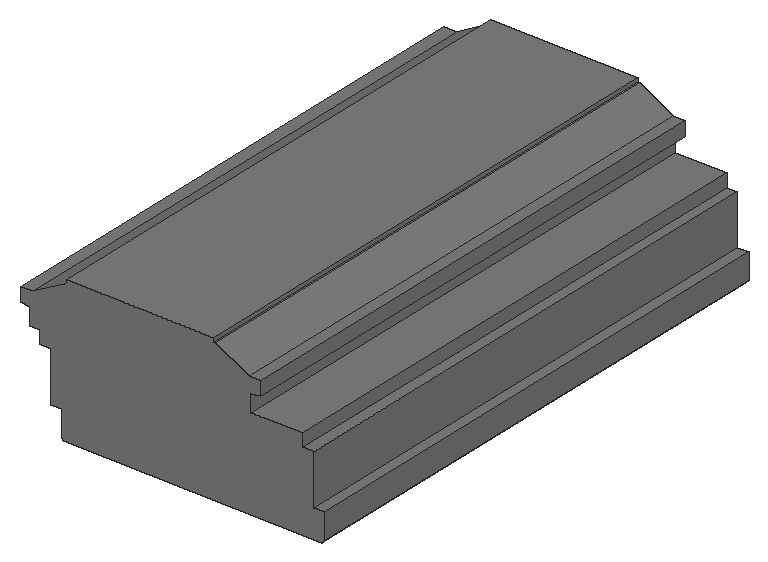
Revit family "HourdiBox PP Néo 150 Up 17 KW-1", category Equipement spécialisé, Revit 2016
Family settings
  Basée sur le plan de construction = Non
  Toujours verticalement = Oui
  Couper avec des vides une fois chargée = Non
  Partagée = Non
  Point de calcul de pièce = Non
Parameters (values of type "HourdiBox PP 150 Up 17")
  Up - SEAC GF 110 - SEAC GF 120 - SEAC GF 930 - SEAC GF 940 = 0.1600 W/(m·K)  # constant formula
  Up - RECTOR NR 130 = 0.1700 W/(m·K)  # constant formula
  Up - RECTOR NR 110 = 0.1600 W/(m·K)  # constant formula
  Up - LB7 - Série 1 = 0.1600 W/(m·K)  # constant formula
  Up - LB 7 - Série 2 = 0.1600 W/(m·K)  # constant formula
  Up - KP1 Leader 130 - KP1 Leader 140 = 0.1600 W/(m·K)  # constant formula
  Up - KP1 Leader 110 - KP1 Leader 115S - KP1 Leader x 110 = 0.1600 W/(m·K)  # constant formula
  Up - DURANDAL DF 110 - DURANDAL DF 130 - DURANDAL DF 140 = 0.1600 W/(m·K)  # constant formula
  URL = "http://www.isobox-isolation.fr/"
  Rp - SEAC GF 110 - SEAC GF 120 - SEAC GF 930 - SEAC GF 940 = 5.7500 (m²·K)/W  # constant formula
  Rp - RECTOR NR 110 = 5.8000 (m²·K)/W  # constant formula
  Rp - RECTOR NR 130 = 5.6000 (m²·K)/W  # constant formula
  Keynote = ""
  Model = "Entrevous 120 - UP 14 "  # constant formula
  Matériaux = Isolant PSE Entrevous
  Longueur = 1200 mm  # constant formula
  Largeur coupure 02 (base 10cm = 0) (par défaut) [instance] = 100 mm
  Largeur coupure 01 (base 10cm = 0) [instance] = 100 mm
  Longueur coupure (base 10cm = 0) [instance] = 100 mm
  Largeur = 688.5 mm  # constant formula
  Rp - LB7 - Série 1 = 5.9000 (m²·K)/W  # constant formula
  Rp - LB 7 - Série 2 = 5.7500 (m²·K)/W  # constant formula
  Rp - KP1 Leader 130 - KP1 Leader 140 = 5.7000 (m²·K)/W  # constant formula
  Rp - KP1 Leader 110 - KP1 Leader 115S - KP1 Leader x 110 = 5.9000 (m²·K)/W  # constant formula
  Fabricant = "Isobox"  # constant formula
  Epaisseur de languette = 159 mm  # constant formula
  Description = ""
  Rp - DURANDAL DF 110 - DURANDAL DF 130 - DURANDAL DF 140 = 5.7500 (m²·K)/W  # constant formula
  Coût = 0  # constant formula
Reference planes
  plane 1 "Centre (avant/arrière)": y = 0
  plane 2: z = 0
  plane 3 "Centre (gauche/droite)": x = 0
Forms (mm)
  Extrusion 1, solid, material "Isolant PSE Entrevous" <- "Matériaux"
    sketch origin (0, 0, 0) x (1, 0, 0) y (0, 0, 1)
      loop
        line (105.383, 0) -> (105.383, -9) -> (100.383, -9) -> (27.542, -50.647) -> (0, -50.647) -> (0, -82.012) -> (21.945, -84.319) -> (21.945, -122.995) -> (45, -122.995) -> (45, -152) -> (68.5, -152) -> (68.5, -266) -> (93.5, -266) -> (93.5, -325) -> (98.5, -330) -> (683.5, -330) -> (688.5, -325) -> (688.5, -266) -> (663.5, -266) -> (663.5, -152) -> (640, -152) -> (640, -123) -> (522.055, -123) -> (522.055, -84.319) -> (544, -82.012) -> (544, -50.647) -> (516.458, -50.647) -> (443.618, -9) -> (438.618, -9) -> (438.618, 0) -> (105.383, 0)
    from 0 to 1200
  Extrusion 2, void
    sketch origin (0, 0, 0) x (1, 0, 0) y (0, 1, 0)
      loop
        line (788.5, 0) -> (688.5, 0) -> (688.5, -1200) -> (788.5, -1200) -> (788.5, 0)
    from -330 to 0
  Extrusion 3, void
    sketch origin (0, 0, 0) x (1, 0, 0) y (0, 1, 0)
      loop
        line (0, -1200) -> (0, -1300) -> (688.5, -1300) -> (688.5, -1200) -> (0, -1200)
    from 0 to -330
  Extrusion 4, void
    sketch origin (-788.5, 0, 0) x (1, 0, 0) y (0, 1, 0)
      loop
        line (788.5, 0) -> (688.5, 0) -> (688.5, -1200) -> (788.5, -1200) -> (788.5, 0)
    from -330 to 0
Cuts and joins
  Extrusion 2, Extrusion 3, Extrusion 4 cuts Extrusion 1
Lines and regions (mm)
  reference lines
    curve 1: line (788.5, 160, 0) -> (788.5, -1440, 0)
    curve 2: line (-100, 0, 0) -> (-100, -1540, 0)
    curve 3: line (0, -1300, 0) -> (1520, -1300, 0)
Dimensions and locks
  locked: Extrusion 1 to Extrusion 1 at 688.5
  locked: Extrusion 1 to Extrusion 1 at 1200
  locked: Extrusion 1 to Extrusion 1 at 143
  "Largeur coupure 01 (base 10cm = 0)": Extrusion 2 to Extrusion 2
  locked: Extrusion 3 to Extrusion 3 at 688.5
  "Longueur coupure (base 10cm = 0)": Extrusion 3 to Extrusion 3
  "Largeur coupure 02 (base 10cm = 0) (par défaut)": Extrusion 4 to Extrusion 4
  cut or joined group of Extrusion 1, Extrusion 2, Extrusion 3, Extrusion 4 to cut or joined group of Extrusion 1, Extrusion 2, Extrusion 3, Extrusion 4 = 330 mm
  aligned and locked: level to plane 2
  aligned and locked: Extrusion 2 to curve 1
  aligned and locked: Extrusion 4 to curve 2
  aligned and locked: Extrusion 3 to curve 3
Automatic sketch dimensions
  Extrusion 1 sketch curve to plane 3 "Centre (gauche/droite)" = 0 mm
  Extrusion 1 sketch curve to level = 0 mm
  plane 3 "Centre (gauche/droite)" to Extrusion 1 sketch curve = 21.945 mm
  plane 3 "Centre (gauche/droite)" to Extrusion 1 sketch curve = 27.542 mm
  Extrusion 1 sketch curve to Extrusion 1 sketch curve = 23.055 mm
  plane 3 "Centre (gauche/droite)" to Extrusion 1 sketch curve = 68.5 mm
  Extrusion 1 sketch curve to Extrusion 1 sketch curve = 25 mm
  Extrusion 1 sketch curve to Extrusion 1 sketch curve = 5 mm  (x5)
  Extrusion 1 sketch curve to level = 9 mm  (x2)
  Extrusion 1 sketch curve to Extrusion 1 sketch curve = 72.84 mm  (x2)
  Extrusion 1 sketch curve to Extrusion 1 sketch curve = 333.235 mm
  Extrusion 1 sketch curve to Extrusion 1 sketch curve = 5.597 mm
  Extrusion 1 sketch curve to level = 82.012 mm
  Extrusion 1 sketch curve to Extrusion 1 sketch curve = 21.945 mm
  Extrusion 1 sketch curve to Extrusion 1 sketch curve = 96 mm
  Extrusion 1 sketch curve to Extrusion 1 sketch curve = 23.5 mm
  Extrusion 1 sketch curve to level = 330 mm
  Extrusion 1 sketch curve to Extrusion 1 sketch curve = 20 mm
  Extrusion 1 sketch curve to level = 325 mm
  Extrusion 1 sketch curve to Extrusion 1 sketch curve = 59 mm  (x2)
  Extrusion 1 sketch curve to Extrusion 1 sketch curve = 114 mm  (x2)
  Extrusion 1 sketch curve to Extrusion 1 sketch curve = 29 mm
  Extrusion 1 sketch curve to Extrusion 1 sketch curve = 29.005 mm
  Extrusion 1 sketch curve to Extrusion 1 sketch curve = 38.676 mm
  Extrusion 1 sketch curve to Extrusion 1 sketch curve = 2.307 mm  (x2)
  Extrusion 1 sketch curve to Extrusion 1 sketch curve = 33.672 mm  (x2)
  plane 1 "Centre (avant/arrière)" to Extrusion 2 sketch curve = 0 mm
  plane 3 "Centre (gauche/droite)" to Extrusion 2 sketch curve = 688.5 mm
  Extrusion 2 sketch curve to Extrusion 2 sketch curve = 100 mm
  plane 1 "Centre (avant/arrière)" to Extrusion 2 sketch curve = 1200 mm
  Extrusion 3 sketch curve to plane 3 "Centre (gauche/droite)" = 0 mm
  plane 3 "Centre (gauche/droite)" to Extrusion 3 sketch curve = 688.5 mm
  plane 1 "Centre (avant/arrière)" to Extrusion 3 sketch curve = 1300 mm
  Extrusion 3 sketch curve to Extrusion 3 sketch curve = 100 mm
  plane 1 "Centre (avant/arrière)" to Extrusion 4 sketch curve = 0 mm
  Extrusion 4 sketch curve to plane 3 "Centre (gauche/droite)" = 0 mm
  Extrusion 4 sketch curve to plane 3 "Centre (gauche/droite)" = 100 mm
  plane 1 "Centre (avant/arrière)" to Extrusion 4 sketch curve = 1200 mm
  plane 1 "Centre (avant/arrière)" to curve 2 = 0 mm
  curve 3 to plane 3 "Centre (gauche/droite)" = 0 mm
  curve 2 to plane 3 "Centre (gauche/droite)" = 100 mm
  plane 3 "Centre (gauche/droite)" to curve 1 = 788.5 mm
  curve 1 to curve 3 = 731.5 mm
  plane 1 "Centre (avant/arrière)" to curve 3 = 1300 mm
  curve 1 to curve 3 = 140 mm
  curve 2 to curve 3 = 240 mm
  curve 1 to plane 1 "Centre (avant/arrière)" = 160 mm
